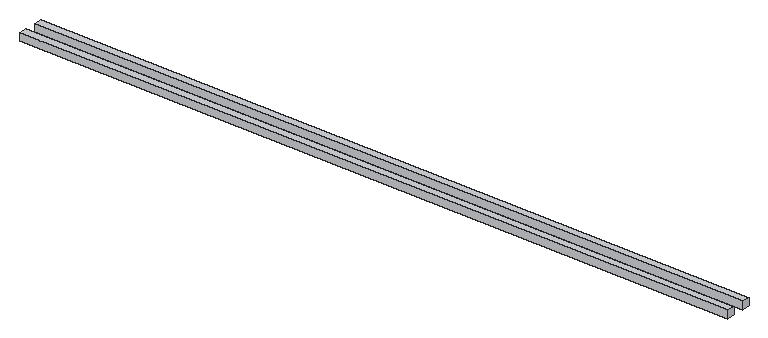
Revit family "3d920ec8a90d493ebfc9b54926a2b17f", category Generic Models, Revit 2021
Family settings
  Can host rebar = No
  Round Connector Dimension = Use Diameter
  Part Type = Normal
  Work Plane-Based = No
  Always vertical = Yes
  Cut with Voids When Loaded = No
  Shared = Yes
  Room Calculation Point = No
Parameters
  Width [instance] = 4' - 0"
  Thickness = 0' - 0 1/2"
  Height [instance] = 4' - 0"
  Interior Material [instance] = none
  Exterior Material [instance] = none
  Distance = 0' - 0 3/4"
  Default Elevation = 0' - 0"
Reference planes (in)
  plane 1 "Center (Front/Back)": y = 0
  plane 2: z = 0
  plane 3 "Center (Left/Right)": x = 0
  plane 4: z = 48
  plane 5: x = -24
  plane 6: x = 24
  plane 7: z = 24
  plane 8 "a": y = 0.375
  plane 9 "b": y = -0.375
  plane 10: y = -0.875
  plane 11: y = 0.875
Forms (in)
  Extrusion 1, solid, material <- "Exterior Material", detail levels fine
    sketch origin (0, 0.375, 0) x (-1, 0, 0) y (0, 0, 1)
      loop
        line (24, 24.25) -> (-24, 24.25) -> (-24, 23.75) -> (24, 23.75) -> (24, 24.25)
    from 0 to 0.5
  Extrusion 2, solid, material <- "Interior Material", detail levels fine
    sketch origin (0, -0.375, 0) x (-1, 0, 0) y (0, 0, 1)
      loop
        line (24, 24.25) -> (-24, 24.25) -> (-24, 23.75) -> (24, 23.75) -> (24, 24.25)
    from 0 to -0.5
Lines and regions (in)
  model lines, detail levels medium
    curve 1: line (-24, -0.375, 24) -> (24, -0.375, 24)
    curve 2: line (-24, 0.375, 24) -> (24, 0.375, 24)
Dimensions and locks (in)
  equal spacing: plane 6, plane 3 "Center (Left/Right)", plane 5
  "Width": plane 6 to plane 5
  "Height": plane 4 to plane 2
  equal spacing: plane 4, plane 7, plane 2
  equal spacing: plane 8 "a", plane 1 "Center (Front/Back)", plane 9 "b"
  "Distance": plane 8 "a" to plane 9 "b"
  locked: Extrusion 1 sketch curve to plane 7 at 0.25
  locked: plane 7 to Extrusion 1 sketch curve at 0.25
  "Thickness": plane 11 to plane 8 "a"
  "Thickness": plane 9 "b" to plane 10
  aligned and locked: plane 2 to level
  aligned and locked: plane 5 to curve 1
  aligned and locked: plane 6 to curve 1
  aligned and locked: Extrusion 1 sketch curve to plane 6
  aligned and locked: Extrusion 1 sketch curve to plane 5
  aligned and locked: plane 5 to curve 2
  aligned and locked: plane 6 to curve 2
  aligned and locked: plane 11 to Extrusion 1
  aligned and locked: Extrusion 1 to plane 8 "a"
  aligned and locked: Extrusion 2 to plane 10
Automatic sketch dimensions
  curve 2 to plane 6 = 0' - 0"
  curve 2 to plane 5 = 0' - 0"
  curve 2 to plane 7 = 0' - 0"
  Extrusion 2 sketch curve to plane 6 = 0' - 0"
  Extrusion 2 sketch curve to plane 5 = 0' - 0"
  Extrusion 2 sketch curve to plane 7 = 0' - 0 1/4"
  plane 7 to Extrusion 2 sketch curve = 0' - 0 1/4"
  curve 1 to plane 7 = 0' - 0"
